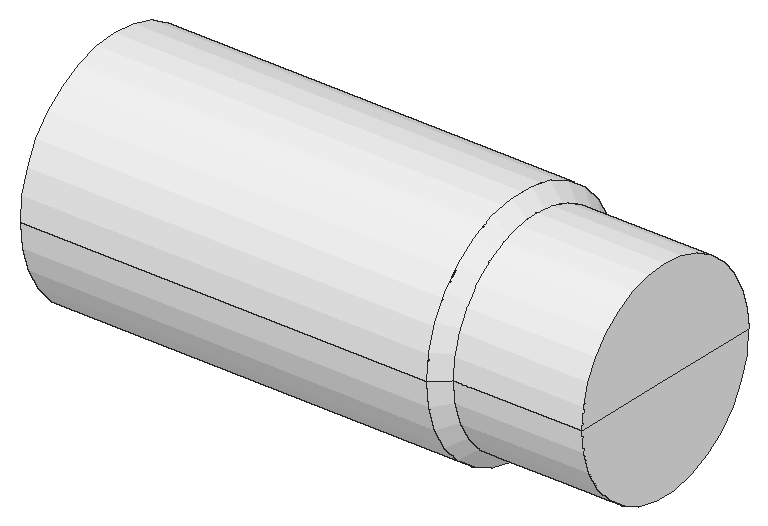
Revit family "MI-FLEX-DISH", category Pipe Fittings, Revit 2026
Family settings
  Round Connector Dimension = Use Diameter
  Part Type = Union
  Classification Number = 23.60.30.11.14
  Work Plane-Based = No
  Always vertical = Yes
  Cut with Voids When Loaded = No
  Shared = Yes
Parameters (values of type "MI-FLEX-DISH-1 (1" x .75")")
  Width B = 0.920"
  Width A = 0.640"
  Waste Connection = no
  Warranty Information = "1 Year Warranty"  # constant formula
  Vent Connection = no
  URL = "http://www.mifab.com"
  Tick Size = Width A * 0.4  # 0.256"
  Standard Listings & Approval = "CSA Approved, U.P.C. Approved"  # constant formula
  Product Page URL = "http://www.mifab.com/Catalog/No_Hub_Couplings/MIFLEXDISH_DISHWASHER_CONNECTOR_.html"
  Product Documentation Link = "MIFAB® MI-FLEX-DISH-1 dishwasher connector is manufactured out of a flexible PVC compound that meets\r\nthe requirements of ASTM C-564. Two Type 300 stainless steel clamps tightened with 5/16” Type 300 stainless steel hex head\r\nscrews provide the sealing force."
  Price = "Prices may vary. Please consult Manufacturer Representative for most up-to-date price list."  # constant formula
  Pipe Size Description = "1” x 0.75\""
  Pipe Outlet Connection Diameter = 0.750"
  Pipe Inlet Connection Diameter = 1.000"
  Nominal Diameter = 0.500"
  Model = "MI-FLEX"
  Material = "Plastic-Champion Couplings-Flexible PVC"  # constant formula
  Masking Reg 2 = yes
  Masking Reg 1 = no
  Manufacturer = "Champion Couplings"  # constant formula
  List Price (Each Piece) = 3.5
  Nominal Height = 2.700"
  Height = 2.700"
  HW Connection = no
  Description = "MIFAB® Series MI-FLEX (specify size) of flexible rubber couplings are manufactured from an elastomeric\r\ncompound that meets the requirements of ASTM C-564 and 300 Series of stainless steel clamps tightened with 5/16” Type 300\r\nstainless steel hex head screws. MI-FLEX Series of flexible couplings are tested and certified to ASTM Standard 1173-2010\r\nand CSA Standard B602-2010 and listed with I.A.P.M.O."  # constant formula
  Default Elevation = 0.000"
  Creation Date = "\"2/17/2016\""
  Carton Quantity = "100"
  CW Connection = yes
  Assembly Code = "D2090800"
Types (3): name | Pipe Size Description | Pipe Outlet Connection Diameter
  (no name) | "1” x 0.75\"" | 0.750"
  MI-FLEX-DISH-1 (1" x 1") | "1” x 1”" | 1.000"
  MI-FLEX-DISH-1 (1" x .75") | "1” x 0.75\"" | 0.750"
Reference planes (in)
  plane 1 "Center (Front/Back)": y = 0
  plane 2: z = 0
  plane 3 "Center (Left/Right)": x = 0
  plane 4: x = -1.35
  plane 5: x = 1.35
  plane 6: x = 1.35
  plane 7: y = 0.32
  plane 8: y = -0.32
  plane 9: y = 0.25
  plane 10: y = -0.25
  plane 11: y = 0.32
  plane 12: y = -0.32
  plane 13: y = -0.25
  plane 14: y = 0.25
Forms (in)
  Revolve 1, solid, material "Plastic-Champion Couplings-Flexible PVC"
    sketch origin (0, 0, 0) x (1, 0, 0) y (0, 1, 0)
      loop
        line (1.35, 0.51094) -> (0.71571, 0.51094) -> (0.64571, 0.58094) -> (-1.35, 0.58094) -> (-1.35, 0) -> (1.35, 0) -> (1.35, 0.51094)
      axis (-1.35, 0) -> (1.35, 0)
    angle from 0 to 360
Lines and regions (in)
  Masking region 1, visible <- "Masking Reg 2", detail levels fine
    outline origin (0, 0, 0) x (1, 0, 0) y (0, 1, 0)
      loop
        line (1.35, 0.51094) -> (0.71571, 0.51094) -> (0.64571, 0.58094) -> (-1.35, 0.58094) -> (-1.35, -0.58094) -> (0.64571, -0.58094) -> (0.71571, -0.51094) -> (1.35, -0.51094) -> (1.35, 0.51094)
  model lines, detail levels coarse+medium
    curve 1: line (-1.35, 0.256, 0) -> (-1.35, -0.256, 0)
    curve 2: line (1.35, 0.256, 0) -> (1.35, -0.256, 0)
    curve 3: line (1.35, 0, 0) -> (-1.35, 0, 0)
Dimensions and locks (in)
  "Height": plane 4 to plane 5
  equal spacing: plane 4, plane 3 "Center (Left/Right)", plane 5
  "Tick Size": plane 1 "Center (Front/Back)" to curve 1
  "Tick Size": curve 1 to plane 1 "Center (Front/Back)"
  "Tick Size": plane 1 "Center (Front/Back)" to curve 2
  "Tick Size": curve 2 to plane 1 "Center (Front/Back)"
  "Nominal Height": plane 4 to plane 6
  "Width A": plane 8 to plane 7
  equal spacing: plane 8, plane 1 "Center (Front/Back)", plane 7
  "Nominal Diameter": plane 9 to plane 10
  equal spacing: plane 9, plane 1 "Center (Front/Back)", plane 10
  "Width A": plane 11 to plane 12
  "Nominal Diameter": plane 13 to plane 14
  equal spacing: plane 11, plane 1 "Center (Front/Back)", plane 12
  equal spacing: plane 13, plane 1 "Center (Front/Back)", plane 14
  aligned and locked: curve 3 to plane 1 "Center (Front/Back)"
  aligned and locked: curve 1 to plane 4
  aligned and locked: plane 5 to curve 2
  aligned and locked: plane 5 to Revolve 1 sketch curve
  aligned and locked: Revolve 1 sketch curve to plane 1 "Center (Front/Back)"
  aligned and locked: plane 5 to Masking region 1 sketch curve
Automatic sketch dimensions
  plane 1 "Center (Front/Back)" to Revolve 1 sketch curve = 0.000"
  Revolve 1 sketch curve to plane 4 = 0.000"
  Revolve 1 sketch curve to plane 7 = 0.26094"
  plane 3 "Center (Left/Right)" to Revolve 1 sketch curve = 0.64571"
  Revolve 1 sketch curve to plane 7 = 0.19094"
  Revolve 1 sketch curve to Revolve 1 sketch curve = 0.070"
  Revolve 1 sketch curve to Revolve 1 sketch curve = 0.250"
  Revolve 1 sketch curve to Revolve 1 sketch curve = 0.750"
  Masking region 1 sketch curve to plane 4 = 0.000"
  plane 12 to Masking region 1 sketch curve = 0.26094"
  plane 3 "Center (Left/Right)" to Masking region 1 sketch curve = 0.64571"  (x2)
  plane 11 to Masking region 1 sketch curve = 0.26094"
  plane 11 to Masking region 1 sketch curve = 0.19094"
  Masking region 1 sketch curve to Masking region 1 sketch curve = 0.070"  (x2)
  plane 12 to Masking region 1 sketch curve = 0.19094"
Connectors (in)
  piping at (1.35, 0, 0), diameter 0.75, driven by "Pipe Outlet Connection Diameter"
    settings: on Revolve 1, index 2, connector inside diameter 24", connector length 0.000", flow factor 0, pipe flow 0 GPM, pressure drop 0.00 psi, fitting loss kfactor 0, connector angle 0.00°, fixture units 0, engagement length 0.000", angle of deflection 0.00°, flow configuration 0, flow direction 0, fitting loss method 0, system type 28, joint type 0, gender type 0, connector reference index -1, connector utility 0, adjustable connector no, is connector primary yes, connector description ""
  piping at (-1.35, 0, 0), diameter 1, driven by "Pipe Inlet Connection Diameter"
    settings: on Revolve 1, index 3, connector inside diameter 24", connector length 0.000", flow factor 0, pipe flow 0 GPM, pressure drop 0.00 psi, fitting loss kfactor 0, connector angle 0.00°, fixture units 0, engagement length 0.000", angle of deflection 0.00°, flow configuration 0, flow direction 0, fitting loss method 0, system type 28, joint type 0, gender type 0, connector reference index -1, connector utility 0, adjustable connector no, is connector primary no, connector description ""
